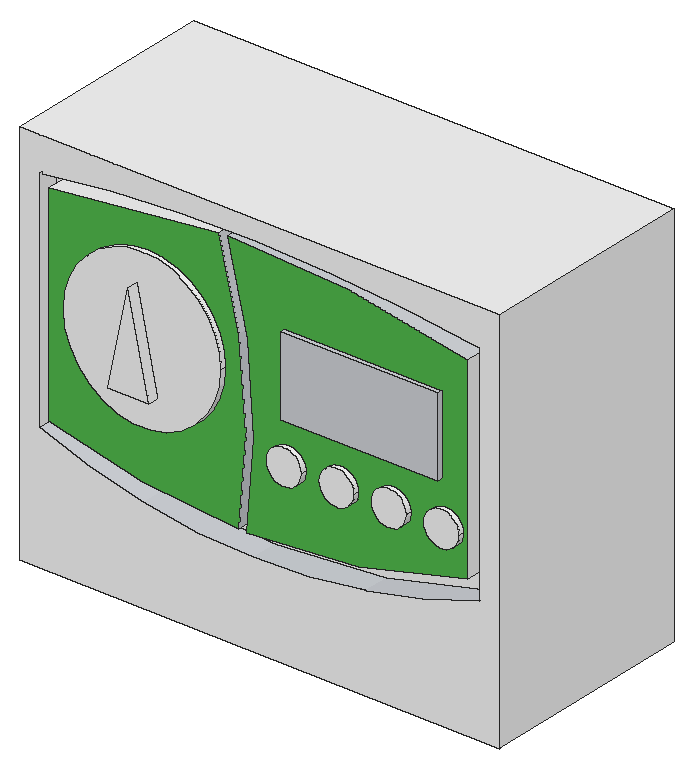
Revit family "Controller ESP-Me", category Dispositivos de dados, Revit 2020
Family settings
  Manter orientação da anotação = Não
  Cota do conector redondo = Utilizar diâmetro
  Tipo de parte = Normal
  Número OmniClass = 23.85.50.00
  Título OmniClass = Communication Systems
  Com base no plano de trabalho = Não
  Sempre na vertical = Sim
  Corte com vazios quando carregada = Não
  Compartilhado = Não
  Ponto de cálculo do ambiente = Não
Parameters (values of type "ESP4ME3")
  White = BRANCO
  URL = "www.rainbird.com"
  SupportProjetos: Review Date = ""  # constant formula
  SupportProjetos: Review = "R00"  # constant formula
  SupportProjetos: Level of Detail = "LOD 300"  # constant formula
  SupportProjetos: Developed = "MICHEL SOARES MOTA"  # constant formula
  SupportProjetos: Creation Date = "16/09/2020"  # constant formula
  RainBird: Product Link = "www.rainbird.com"
  RainBird: Description = "ESP4ME3"
  RainBird: Comment = ""
  RainBird: Code = "F55130"  # constant formula
  Modelo = "ESP4ME3"
  LXMMPED [instance] = yes
  LXMM = yes
  DTT2 = 124.128 mm
  Tipo de imagem = esp-lxme_no_cover_straight_cc.jpg
  Valve feed output [instance] = 10 mm
  Depth = 129.542 mm
  Power = 11 VA
  DTT1 [instance] = (Number for ESPSM6) * 6 + (Number for ESPSM3) * 3  # 18
  Number of Stations [instance] = if(DTT1 < 23, DTT1, 0)  # 18
  Width = 274.524 mm
  Power Supply [instance] = 10 mm
  Elevação padrão = 0 mm
  Number for ESPSM6 [instance] = 2
  Number for ESPSM3 [instance] = 2
  Corrente de Saída = 1.9 A
  Electrical Connection [instance] = 10 mm
  Height from base = 800 mm
  Heigth = 222 mm
  Type Comments = RainBird: Comment  # ""
  Supply = 120 VA
Types (3, lengths in mm): name | RainBird: Description | Modelo | DTT2 | Depth | Width | Heigth
  (no name) | "ESP4ME3" | "ESP4ME3" | 124.128 | 129.542 | 274.524 | 222
  ESP4MEI | "ESP4MEI" | "ESP4MEI" | 120 | 129.561 | 364 | 322
  ESP4ME3 | "ESP4ME3" | "ESP4ME3" | 124.128 | 129.542 | 274.524 | 222
Reference planes
  plane 1 "Centro (Frente/Trás)": y = 0
  plane 2: z = 0
  plane 3 "Centro (Esquerda/Direita)": x = 0
Forms (mm)
  Extrusion 1, solid
    sketch origin (0, 0, 0) x (1, 0, 0) y (0, 1, 0)
      loop
        line (-137.262, 0) -> (-137.262, -124.128)
        arc (-137.262, -124.128) -> (0, -129.542) -> (137.262, -124.128) r 1742.885
        line (137.262, -124.128) -> (137.262, 0) -> (-137.262, 0)
    from 800 to 1022
  Extrusion 2, void
    sketch origin (1.55, 0, -102.366) x (1, 0, 0) y (0, 0, 1)
      loop
        line (-126.55, 1105.578) -> (-126.55, 975.287)
        arc (-126.55, 975.287) -> (-1.019, 954.583) -> (124.643, 974.481) r 398.669
        line (124.643, 974.481) -> (124.643, 1103.805)
        arc (124.643, 1103.805) -> (-0.866, 1117.161) -> (-126.55, 1105.578) r 638.751
    from 113.937 to 131.163
  Extrusion 3, solid
    sketch origin (-439.336, 0, -102.244) x (1, 0, 0) y (0, 0, 1)
      loop
        arc (559.831, 1096.264) -> (491.481, 1108.027) -> (422.199, 1111.184) r 555.728
        arc (422.199, 1111.184) -> (436.478, 1037.796) -> (433.416, 963.095) r 321.395
        arc (433.416, 963.095) -> (497.477, 968.147) -> (559.831, 983.686) r 388.61
        line (559.831, 983.686) -> (559.831, 1096.264)
      loop
        line (320, 1099.945) -> (320, 980.497)
        arc (320, 980.497) -> (373.565, 967.978) -> (428.36, 963.148) r 388.61
        arc (428.36, 963.148) -> (431.465, 1037.786) -> (416.983, 1111.072) r 316.395
        arc (416.983, 1111.072) -> (368.247, 1107.642) -> (320, 1099.945) r 555.728
    from 113.937 to 125.85
  Extrusion 4, solid
    sketch origin (96.723, 0, 0) x (1, 0, 0) y (0, 1, 0)
      loop
        circle (0, -61.428) r 10
    from 798.797 to 800
  Extrusion 5, solid
    sketch origin (-79.346, 0, 0) x (1, 0, 0) y (0, 1, 0)
      loop
        circle (0, -61.428) r 10
    from 798.797 to 800
  Extrusion 6, solid, material "BRANCO" <- "White"
    sketch origin (0.664, 0, -112.244) x (1, 0, 0) y (0, 0, 1)
      loop
        circle (-64.184, 1053.313) r 45
      loop
        circle (16.87, 1016.364) r 10
      loop
        circle (46.87, 1016.364) r 10
      loop
        circle (76.87, 1016.364) r 10
      loop
        circle (106.87, 1016.364) r 10
    from 120 to 128.87
  Extrusion 7, solid, material "BRANCO" <- "White"
    sketch origin (10.664, 0, -79.744) x (1, 0, 0) y (0, 0, 1)
      loop
        line (-89.03, 993.337) -> (-65.551, 993.337) -> (-77.29, 1048.568) -> (-89.03, 993.337)
    from 113.937 to 134.965
  Extrusion 8, solid
    sketch origin (-14.336, 0, -92.244) x (1, 0, 0) y (0, 0, 1)
      loop
        line (29.831, 1065.059) -> (29.831, 1020.059) -> (119.831, 1020.059) -> (119.831, 1065.059) -> (29.831, 1065.059)
    from 120 to 128.87
Cuts and joins
  Extrusion 2 cuts Extrusion 1
  joined: Extrusion 6, Extrusion 7
Dimensions and locks
  "Width": Extrusion 1 sketch curve to Extrusion 1 sketch curve
  equal spacing: Extrusion 1 sketch curve, plane 3 "Centro (Esquerda/Direita)", Extrusion 1 sketch curve
  "DTT2": Extrusion 1 sketch curve to Extrusion 1 sketch curve  (x2)
  "Depth": Extrusion 1 sketch curve to Extrusion 1 sketch curve
  "Heigth": Extrusion 1 to Extrusion 1
  "Height from base": Extrusion 1 to level
  locked: cut or joined group of Extrusion 1, Extrusion 2 to Extrusion 4 at 1.203
  equal spacing: cut or joined group of Extrusion 1, Extrusion 2, plane 3 "Centro (Esquerda/Direita)", cut or joined group of Extrusion 1, Extrusion 2
  cut or joined group of Extrusion 1, Extrusion 2 to cut or joined group of Extrusion 1, Extrusion 2 = 274.524 mm
  "Valve feed output": radius of Extrusion 4 sketch curve
  "Power Supply": radius of Extrusion 5 sketch curve
  aligned and locked: level to plane 2
  aligned and locked: plane 1 "Centro (Frente/Trás)" to Extrusion 1 sketch curve
  aligned and locked: Extrusion 4 to cut or joined group of Extrusion 1, Extrusion 2
Automatic sketch dimensions
  Extrusion 6 sketch curve to plane 3 "Centro (Esquerda/Direita)" = 63.52 mm
  plane 3 "Centro (Esquerda/Direita)" to Extrusion 6 sketch curve = 17.534 mm
  Extrusion 6 sketch curve to Extrusion 6 sketch curve = 30 mm  (x3)
  level to Extrusion 6 sketch curve = 904.12 mm
  Extrusion 6 sketch curve to Extrusion 6 sketch curve = 0 mm  (x3)
  Extrusion 6 sketch curve to Extrusion 6 sketch curve = 36.949 mm
  Extrusion 7 sketch curve to plane 3 "Centro (Esquerda/Direita)" = 66.626 mm
  level to Extrusion 7 sketch curve = 913.593 mm
  Extrusion 7 sketch curve to Extrusion 7 sketch curve = 23.479 mm
  Extrusion 7 sketch curve to plane 3 "Centro (Esquerda/Direita)" = 54.886 mm
  Extrusion 7 sketch curve to Extrusion 7 sketch curve = 55.23 mm
  plane 3 "Centro (Esquerda/Direita)" to Extrusion 8 sketch curve = 15.495 mm
  Extrusion 8 sketch curve to Extrusion 8 sketch curve = 90 mm
  level to Extrusion 8 sketch curve = 927.815 mm
  Extrusion 8 sketch curve to Extrusion 8 sketch curve = 45 mm
  Extrusion 2 sketch curve to plane 3 "Centro (Esquerda/Direita)" = 125 mm
  plane 3 "Centro (Esquerda/Direita)" to Extrusion 2 sketch curve = 1.811 mm
  Extrusion 2 sketch curve to plane 3 "Centro (Esquerda/Direita)" = 3.823 mm
  plane 3 "Centro (Esquerda/Direita)" to Extrusion 2 sketch curve = 126.193 mm
  level to Extrusion 2 sketch curve = 376.061 mm
  Extrusion 2 sketch curve to Extrusion 2 sketch curve = 496.054 mm
  Extrusion 2 sketch curve to Extrusion 2 sketch curve = 129.324 mm
  Extrusion 2 sketch curve to Extrusion 2 sketch curve = 247.672 mm
  Extrusion 3 sketch curve to Extrusion 3 sketch curve = 0 mm  (x6)
  Extrusion 3 sketch curve to plane 3 "Centro (Esquerda/Direita)" = 323.335 mm
  Extrusion 3 sketch curve to plane 3 "Centro (Esquerda/Direita)" = 119.336 mm
  Extrusion 3 sketch curve to plane 3 "Centro (Esquerda/Direita)" = 7.747 mm
  Extrusion 3 sketch curve to plane 3 "Centro (Esquerda/Direita)" = 4.336 mm
  plane 3 "Centro (Esquerda/Direita)" to Extrusion 3 sketch curve = 120.495 mm
  level to Extrusion 3 sketch curve = 453.292 mm
  Extrusion 3 sketch curve to Extrusion 3 sketch curve = 424.961 mm
  Extrusion 3 sketch curve to Extrusion 3 sketch curve = 3.19 mm
  Extrusion 3 sketch curve to Extrusion 3 sketch curve = 33.026 mm
  Extrusion 3 sketch curve to Extrusion 3 sketch curve = 112.578 mm
  Extrusion 3 sketch curve to Extrusion 3 sketch curve = 119.448 mm
  Extrusion 3 sketch curve to Extrusion 3 sketch curve = 251.756 mm
  Extrusion 3 sketch curve to plane 3 "Centro (Esquerda/Direita)" = 22.353 mm
  Extrusion 3 sketch curve to Extrusion 3 sketch curve = 5.216 mm
  plane 3 "Centro (Esquerda/Direita)" to Extrusion 4 sketch curve = 96.723 mm
  plane 1 "Centro (Frente/Trás)" to Extrusion 4 sketch curve = 61.428 mm
  Extrusion 5 sketch curve to plane 3 "Centro (Esquerda/Direita)" = 79.346 mm
  plane 1 "Centro (Frente/Trás)" to Extrusion 5 sketch curve = 61.428 mm
  radius of Extrusion 6 sketch curve = 45 mm
  radius of Extrusion 6 sketch curve = 10 mm  (x4)
Connectors
  electrical at (96.723, -61.428, 798.797)
    settings: on Extrusion 4, index 1, voltage 0 V, apparent load 0 VA, apparent load phase1 0 VA, apparent load phase2 0 VA, apparent load phase3 0 VA, power factor 1, load classification "Outro", number of poles 1, system type 13, power factor state 1, is connector primary no, connector utility no, sub classification motor no, connector description ""
  electrical at (-79.346, -61.428, 798.797)
    settings: on Extrusion 5, index 2, voltage 120 V, apparent load 0 VA, apparent load phase1 0 VA, apparent load phase2 0 VA, apparent load phase3 0 VA, power factor 1, load classification "Potência", number of poles 1, system type 31, power factor state 0, is connector primary yes, connector utility no, sub classification motor no, connector description ""
  cabletrayconduit at (96.723, -61.428, 798.797), diameter 10, driven by "Valve feed output"
    settings: on Extrusion 4, index 3, connector width 300 mm, connector height 300 mm, connector angle 0.00°, system type 32, placement type 0, profile type 0, connector reference index -1, is primary connector yes, connector utility param no, connector description ""
  cabletrayconduit at (-79.346, -61.428, 798.797), diameter 10, driven by "Power Supply"
    settings: on Extrusion 5, index 4, connector width 300 mm, connector height 300 mm, connector angle 0.00°, system type 32, placement type 0, profile type 0, connector reference index -1, is primary connector no, connector utility param no, connector description ""
